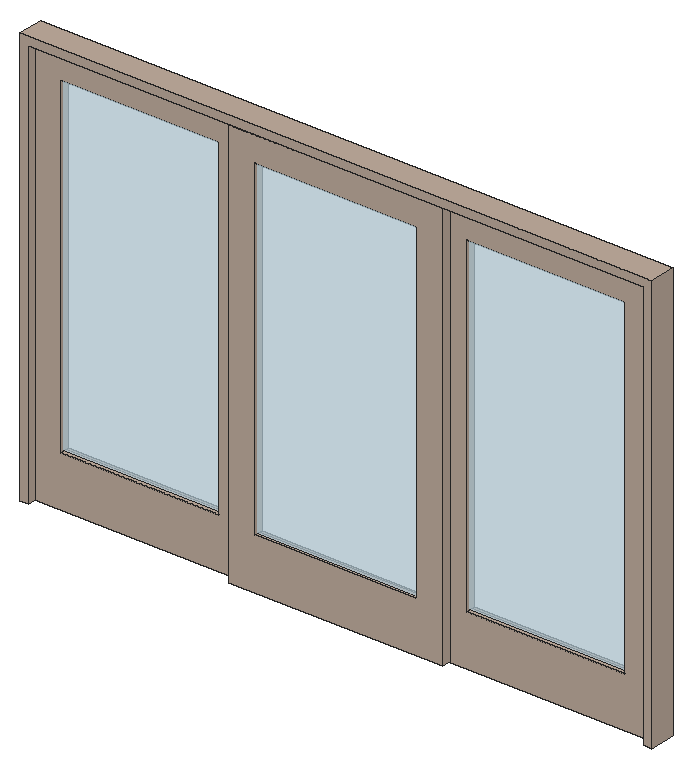
Revit family "Sliding-Three Panel-Glass", category Doors, host Wall, Revit 2016
Family settings
  Host = Wall
  Always vertical = Yes
  Cut with Voids When Loaded = No
  Shared = No
  Room Calculation Point = No
Parameters (values of type "144" x 96"")
  Trim visible = no
  Top Rail = 0' - 6"
  Thickness = 0' - 2"
  Stile Width = 0' - 6"
  Glazing = Glass
  Function = Interior
  Frame Thickness = 0' - 2"
  Bottom Rail = 1' - 0"
  Assembly Code = "C1020"
  Door Material = WD
  Frame Material = WD
  Height = 8' - 0"
  Trim Projection Ext = 0' - 1"
  Trim Projection Int = 0' - 1"
  Trim Width = 0' - 5 1/2"
  Wall Closure = By host
  Width = 12' - 0"
  Analytic Construction = "<None>"
Types (5): name | Trim visible | Top Rail | Stile Width | Frame Thickness | Bottom Rail | Door Material | Frame Material | Height | Trim Width | Width
  108" x 84" | yes | 0' - 6" | 0' - 6" | 0' - 1 1/2" | 0' - 6" | WD | WD | 7' - 0" | 0' - 3" | 9' - 0"
  108" x 80" | yes | 0' - 4" | 0' - 4" | 0' - 2" | 0' - 9" | Door - Panel | Door - Frame | 6' - 8" | 0' - 3" | 9' - 0"
  120" x 96" | no | 0' - 4" | 0' - 4" | 0' - 2" | 0' - 9" | WD | WD | 8' - 0" | 0' - 5 1/2" | 10' - 0"
  120" x 84" | yes | 0' - 9" | 0' - 9" | 0' - 2" | 1' - 0" | WD | WD | 10' - 0" | 0' - 3" | 12' - 0"
  144" x 96" | no | 0' - 6" | 0' - 6" | 0' - 2" | 1' - 0" | WD | WD | 8' - 0" | 0' - 5 1/2" | 12' - 0"
Reference planes (in)
  plane 1: y = 0
  plane 2: z = 160
  plane 3: x = 0
  plane 4: x = -72
  plane 5: x = 72
  plane 6: z = 84
  plane 7: y = 8
  plane 8: y = 2
  plane 9: z = 90
  plane 10: x = 29
  plane 11: x = 66
  plane 12: z = 0
  plane 13: z = 90
  plane 14: z = 12
  plane 15: x = -19
  plane 16: x = 19
  plane 17: x = 0
  plane 18: y = 6
  plane 19: y = 4
  plane 20: x = -24
  plane 21: x = 24
  plane 22: x = -25
  plane 23: x = -23
  plane 24: x = 23
  plane 25: x = 25
  plane 26: x = -66
  plane 27: z = 12
  plane 28: z = 96
Forms (in)
  Extrusion 1, solid, material "WD" <- "Frame Material", visible <- "Trim visible"
    sketch origin (-60, 8, 0) x (-1, 0, 0) y (0, 0, 1)
      loop
        line (-132, 0) -> (-132, 96) -> (12, 96) -> (12, 0) -> (17.5, 0) -> (17.5, 101.5) -> (-137.5, 101.5) -> (-137.5, 0) -> (-132, 0)
    from 0 to 1
  Extrusion 2, solid, material "WD" <- "Frame Material", visible <- "Trim visible"
    sketch origin (0, 2, 0) x (0, 0, -1) y (-1, 0, 0)
      loop
        line (0, 72) -> (0, 75) -> (-101.5, 75) -> (-101.5, -75) -> (0, -75) -> (0, -72) -> (-96, -72) -> (-96, 72) -> (0, 72)
    from 0 to -1
  Extrusion 3, solid, material "WD" <- "Door Material"
    sketch origin (-60, 8, 0) x (-1, 0, 0) y (0, 0, 1)
      loop
        line (-132, 96) -> (-132, 0) -> (-83, 0) -> (-83, 96) -> (-132, 96)
      loop
        line (-126, 90) -> (-126, 12) -> (-89, 12) -> (-89, 90) -> (-126, 90)
    from -4 to -2
  Extrusion 4, solid, material "WD" <- "Door Material"
    sketch origin (-60, 8, 0) x (-1, 0, 0) y (0, 0, 1)
      loop
        line (-85, 96) -> (-85, 0) -> (-35, 0) -> (-35, 96) -> (-85, 96)
      loop
        line (-79, 12) -> (-41, 12) -> (-41, 90) -> (-79, 90) -> (-79, 12)
    from -6 to -4
  Extrusion 5, solid, material "Glass" <- "Glazing"
    sketch origin (-60, 8, 0) x (-1, 0, 0) y (0, 0, 1)
      loop
        line (-126, 90) -> (-126, 12) -> (-89, 12) -> (-89, 90) -> (-126, 90)
    from -3.375 to -2.625
  Extrusion 6, solid, material "WD" <- "Door Material"
    sketch origin (-60, 8, 0) x (-1, 0, 0) y (0, 0, 1)
      loop
        line (-37, 96) -> (-37, 0) -> (12, 0) -> (12, 96) -> (-37, 96)
      loop
        line (-31, 90) -> (-31, 12) -> (6, 12) -> (6, 90) -> (-31, 90)
    from -4 to -2
  Extrusion 7, solid, material "Glass" <- "Glazing"
    sketch origin (-60, 8, 0) x (-1, 0, 0) y (0, 0, 1)
      loop
        line (-31, 90) -> (-31, 12) -> (6, 12) -> (6, 90) -> (-31, 90)
    from -3.375 to -2.625
  Extrusion 8, solid, material "WD" <- "Frame Material"
    sketch origin (-60, 6, 0) x (-1, 0, 0) y (0, 0, 1)
      loop
        line (-132, 0) -> (-132, 96) -> (12, 96) -> (12, 0) -> (14, 0) -> (14, 98) -> (-134, 98) -> (-134, 0) -> (-132, 0)
    from -4 to 2
  Extrusion 9, solid, material "Glass" <- "Glazing"
    sketch origin (-108, 7.75, 0) x (-1, 0, 0) y (0, 0, 1)
      loop
        line (-127, 90) -> (-127, 12) -> (-89, 12) -> (-89, 90) -> (-127, 90)
    from -4.4375 to -5.1875
Lines and regions (in)
  Opening 1
    outline origin (-60, 2, 144) x (0, 0, -1) y (1, 0, 0)
      loop
        line (46, 134) -> (46, -14) -> (144, -14) -> (144, 134) -> (46, 134)
  Masking region 1
    outline origin (0, 0, 0) x (1, 0, 0) y (0, 1, 0)
      loop
        line (-72, 8) -> (-72, 2) -> (72, 2) -> (72, 8) -> (-72, 8)
  symbolic lines, style "DoorsPanelProjection"
    curve 1: line (-72, 6, 0) -> (-66, 6, 0)
    curve 2: line (-72, 4, 0) -> (-72, 6, 0)
    curve 3: line (-66, 4, 0) -> (-72, 4, 0)
    curve 4: line (-66, 6, 0) -> (-66, 4, 0)
    curve 5: line (-29, 6, 0) -> (-29, 4, 0)
    curve 6: line (-23, 4, 0) -> (-23, 6, 0)
    curve 7: line (-25, 2, 0) -> (-25, 4, 0)
    curve 8: line (-19, 4, 0) -> (-19, 2, 0)
    curve 9: line (-25, 2, 0) -> (-19, 2, 0)
    curve 10: line (-29, 6, 0) -> (-23, 6, 0)
    curve 11: line (-19, 4, 0) -> (-29, 4, 0)
    curve 12: line (25, 2, 0) -> (25, 4, 0)
    curve 13: line (29, 4, 0) -> (29, 6, 0)
    curve 14: line (23, 6, 0) -> (23, 4, 0)
    curve 15: line (23, 4, 0) -> (29, 4, 0)
    curve 16: line (23, 6, 0) -> (29, 6, 0)
    curve 17: line (25, 4, 0) -> (19, 4, 0)
    curve 18: line (66, 6, 0) -> (72, 6, 0)
    curve 19: line (66, 4, 0) -> (66, 6, 0)
    curve 20: line (72, 4, 0) -> (66, 4, 0)
    curve 21: line (72, 6, 0) -> (72, 4, 0)
    curve 24: line (25, 2, 0) -> (19, 2, 0)
    curve 25: line (-21, 4, 0) -> (19, 4, 0)
    curve 26: line (26.72029, 4, 0) -> (66, 4, 0)
    curve 27: line (26.72029, 6, 0) -> (67.72029, 6, 0)
    curve 28: line (-66, 4, 0) -> (-29, 4, 0)
    curve 29: line (-66, 6, 0) -> (-27, 6, 0)
    curve 39: line (-19, 2, 0) -> (19, 2, 0)
    curve 40: line (19, 2, 0) -> (19, 4, 0)
  symbolic lines, style "DoorsGlassProjection"
    curve 22: line (-66, 5, 0) -> (-29, 5, 0)
    curve 23: line (66, 5, 0) -> (29, 5, 0)
    curve 38: line (-19, 3, 0) -> (19, 3, 0)
  symbolic lines, style "DoorsFrameMullionProjection"
    curve 30: line (74, 8, 0) -> (74, 2, 0)
    curve 31: line (74, 8, 0) -> (72, 8, 0)
    curve 32: line (72, 8, 0) -> (72, 2, 0)
    curve 33: line (72, 2, 0) -> (74, 2, 0)
    curve 34: line (-72, 8, 0) -> (-72, 2, 0)
    curve 35: line (-72, 2, 0) -> (-74, 2, 0)
    curve 36: line (-74, 2, 0) -> (-74, 8, 0)
    curve 37: line (-74, 8, 0) -> (-72, 8, 0)
Text (in)
  text "Exterior" at (-68.33502, 21.89683, 0), in view "Ground floor"
  text "Exterior" at (0, 35.48876, 116.93956), in view "Left"
Dimensions and locks (in)
  equal spacing: plane 4, plane 3, plane 5
  "Width": plane 4 to plane 5
  level to plane 6 = 7' - 0"
  "Trim Width": plane 4 to Extrusion 1 sketch curve
  "Trim Width": plane 5 to Extrusion 1 sketch curve
  "Trim Projection Int": plane 8 to Extrusion 2
  "Trim Projection Ext": Extrusion 1 to Extrusion 1
  "Top Rail": plane 9 to plane 28
  "Stile Width": plane 11 to plane 5
  "Stile Width": plane 24 to plane 10
  "Bottom Rail": level to plane 14
  "Stile Width": plane 15 to plane 22
  "Stile Width": plane 25 to plane 16
  equal spacing: plane 16, plane 17, plane 15
  plane 19 to plane 18 to plane 7 = 0' - 2" locked, 0' - 2" locked
  plane 10 to plane 11 = 3' - 1"
  equal spacing: plane 4, plane 20, plane 21, plane 5
  plane 23 to plane 20 to plane 22 = 0' - 1" locked, 0' - 1" locked
  plane 25 to plane 21 to plane 24 = 0' - 1" locked, 0' - 1" locked
  "Stile Width": plane 26 to plane 4
  "Bottom Rail": level to plane 27
  "Frame Thickness": Opening 1 sketch curve to plane 4
  "Frame Thickness": plane 5 to Opening 1 sketch curve
  "Stile Width": plane 22 to curve 8
  "Stile Width": plane 24 to Extrusion 5
  "Stile Width": Extrusion 3 to plane 5
  "Stile Width": Extrusion 7 to plane 23
  "Stile Width": plane 4 to Extrusion 7
  "Stile Width": plane 23 to Extrusion 6 sketch curve
  "Bottom Rail": level to Extrusion 3 sketch curve
  "Height": level to plane 28
  "Trim Width": plane 28 to Extrusion 1 sketch curve
  "Frame Thickness": plane 28 to Opening 1 sketch curve
  "Trim Width": plane 28 to Extrusion 2 sketch curve
  "Frame Thickness": Extrusion 8 sketch curve to Extrusion 3
  "Frame Thickness": Extrusion 2 to Extrusion 8 sketch curve
  "Frame Thickness": plane 28 to Extrusion 8 sketch curve
  "Top Rail": plane 13 to plane 28
  "Top Rail": Extrusion 6 sketch curve to plane 28
  equal spacing: Extrusion 4, curve 38, Extrusion 4, locked at 1 each
  locked: plane 19 to Extrusion 9 at 0.6875
  locked: Extrusion 4 to Extrusion 9 at 0.5625
  "Stile Width": Extrusion 4 to plane 25
  aligned and locked: host wall to plane 7
  aligned and locked: plane 8 to host wall
  aligned and locked: plane 5 to Extrusion 3 sketch curve
  aligned and locked: plane 11 to Extrusion 3 sketch curve
  aligned and locked: plane 9 to Extrusion 3 sketch curve
  aligned and locked: plane 13 to Extrusion 4 sketch curve
  aligned and locked: Extrusion 4 sketch curve to plane 16
  aligned and locked: plane 24 to Extrusion 3 sketch curve
  aligned and locked: Extrusion 6 sketch curve to plane 4
  aligned and locked: plane 27 to Extrusion 6 sketch curve
  aligned and locked: Extrusion 6 sketch curve to plane 26
  aligned and locked: Extrusion 3 to curve 14
  aligned and locked: Extrusion 3 to curve 18
  aligned and locked: curve 21 to Extrusion 3
  aligned and locked: Extrusion 3 to plane 19
  aligned and locked: Extrusion 3 to plane 18
  aligned and locked: host wall to Extrusion 8  (x2)
  aligned and locked: Extrusion 8 to plane 4
  aligned and locked: plane 5 to Extrusion 8
  aligned and locked: Extrusion 1 to level  (x2)
  aligned and locked: plane 14 to Extrusion 4 sketch curve
  aligned and locked: curve 13 to Extrusion 3
  aligned and locked: Extrusion 5 to Extrusion 3  (x3)
  aligned and locked: level to Extrusion 3 sketch curve
  aligned and locked: level to Extrusion 6 sketch curve
  aligned and locked: plane 28 to Extrusion 8 sketch curve
  aligned and locked: Extrusion 3 sketch curve to plane 28
  aligned and locked: curve 30 to Extrusion 8
  aligned and locked: curve 36 to host wall
  aligned and locked: Extrusion 7 to Extrusion 3
  aligned and locked: Extrusion 3 to Extrusion 7
  aligned and locked: curve 5 to curve 28
  aligned and locked: curve 4 to curve 28
  aligned and locked: plane 15 to Extrusion 4 sketch curve
  aligned and locked: curve 5 to Extrusion 6
  aligned and locked: curve 4 to Extrusion 6
  aligned and locked: Masking region 1 sketch curve to host wall  (x2)
  aligned and locked: plane 5 to Masking region 1 sketch curve
  aligned and locked: Masking region 1 sketch curve to plane 4
  aligned and locked: plane 28 to Extrusion 1 sketch curve
  aligned and locked: Extrusion 2 sketch curve to plane 28
  aligned and locked: Extrusion 4 sketch curve to plane 28
  aligned and locked: Extrusion 6 sketch curve to plane 28
  aligned and locked: Extrusion 9 to Extrusion 4  (x2)
  aligned and locked: Extrusion 9 to Extrusion 3
  aligned and locked: Extrusion 3 to Extrusion 9
  aligned and locked: plane 19 to curve 3
  aligned and locked: Extrusion 6 to curve 28
  aligned and locked: plane 19 to curve 11
  aligned and locked: curve 25 to plane 19
  aligned and locked: plane 19 to curve 17
  aligned and locked: Extrusion 4 to curve 38  (x2)
  aligned and locked: curve 20 to plane 19
  aligned and locked: curve 9 to Extrusion 4
  aligned and locked: Extrusion 4 to curve 12
  aligned and locked: Extrusion 4 to curve 39
  aligned and locked: curve 8 to Extrusion 4
  aligned and locked: curve 40 to Extrusion 4
Automatic sketch dimensions
  plane 5 to Extrusion 5 sketch curve = 0' - 6"
  plane 25 to Extrusion 5 sketch curve = 0' - 4"
  level to Extrusion 5 sketch curve = 1' - 0"
  Extrusion 5 sketch curve to plane 6 = 0' - 6"
  Extrusion 7 sketch curve to plane 22 = 0' - 4"
  Extrusion 7 sketch curve to plane 4 = 0' - 6"
  level to Extrusion 7 sketch curve = 1' - 0"
  Extrusion 7 sketch curve to plane 6 = 0' - 6"
  Extrusion 9 sketch curve to plane 24 = 0' - 4"
  plane 23 to Extrusion 9 sketch curve = 0' - 4"
  level to Extrusion 9 sketch curve = 1' - 0"
  Extrusion 9 sketch curve to plane 6 = 0' - 6"
  curve 1 to plane 4 = 0' - 0"
  curve 7 to plane 22 = 0' - 0"
  plane 18 to curve 6 = 0' - 0"
  curve 6 to plane 23 = 0' - 0"
  curve 12 to plane 25 = 0' - 0"
  curve 15 to plane 19 = 0' - 0"
  plane 18 to curve 16 = 0' - 0"
  plane 18 to curve 18 = 0' - 0"
  curve 4 to plane 18 = 0' - 0"
  curve 23 to curve 18 = 0' - 1"
  curve 5 to curve 22 = 0' - 1"
  curve 17 to plane 24 = 0' - 4"
  host wall to curve 34 = 0' - 0"
  curve 34 to plane 4 = 0' - 0"
  curve 29 to plane 18 = 0' - 0"
  curve 24 to plane 25 = 0' - 0"
  plane 18 to curve 27 = 0' - 0"
  curve 26 to plane 19 = 0' - 0"
  host wall to curve 32 = 0' - 0"
  curve 32 to plane 5 = 0' - 0"
  curve 37 to host wall = 0' - 0"
  curve 32 to host wall = 0' - 0"
  curve 29 to curve 28 = 0' - 0"
  curve 29 to plane 22 = 0' - 2"
  plane 23 to curve 25 = 0' - 2"
  curve 39 to curve 38 = 0' - 0"
  plane 25 to curve 27 = 0' - 1.72029"
  plane 25 to curve 26 = 0' - 1.72029"
  plane 5 to curve 26 = 0' - 6"
  curve 26 to curve 27 = 0' - 1.72029"
  Opening 1 sketch curve to level = 0' - 0"
  Extrusion 1 sketch curve to level = 0' - 0"  (x2)
  plane 5 to Extrusion 1 sketch curve = 0' - 0"
  plane 4 to Extrusion 1 sketch curve = 0' - 0"
  Extrusion 2 sketch curve to level = 0' - 0"  (x2)
  plane 5 to Extrusion 2 sketch curve = 0' - 0"
  plane 4 to Extrusion 2 sketch curve = 0' - 0"
  Extrusion 2 sketch curve to plane 5 = 0' - 3"
  Extrusion 2 sketch curve to Extrusion 2 sketch curve = 0' - 3"
  plane 10 to Extrusion 3 sketch curve = 0' - 0"
  Extrusion 4 sketch curve to plane 25 = 0' - 0"
  Extrusion 4 sketch curve to plane 22 = 0' - 0"
  Extrusion 4 sketch curve to level = 0' - 0"
  Extrusion 6 sketch curve to plane 23 = 0' - 0"
  Extrusion 8 sketch curve to Extrusion 3 = 0' - 0"  (x3)
  Extrusion 8 sketch curve to Extrusion 8 sketch curve = 0' - 2"
